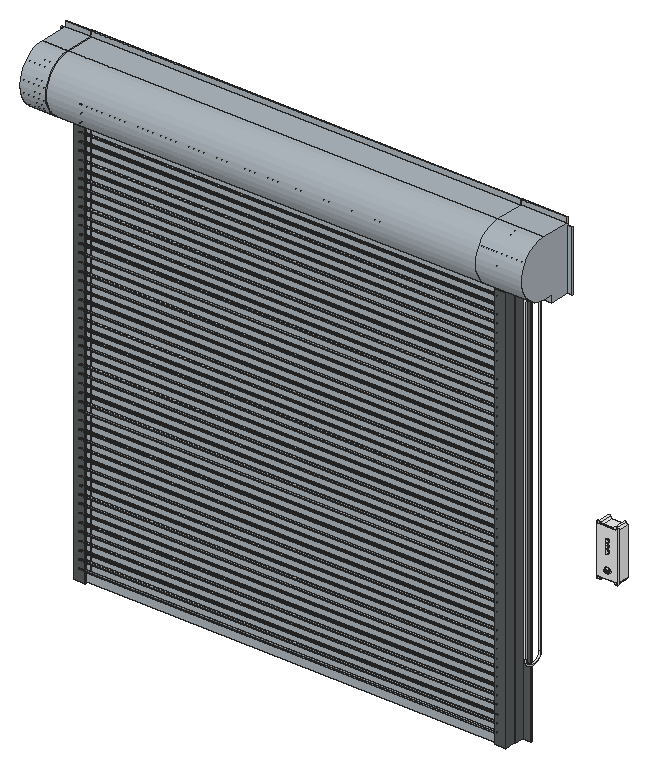
Revit family "Doors_Industrial_Wayne-Dalton_High-Cycle-Rolling-Service-Doors-Model-800-HC_", category Specialty Equipment, host Wall, Revit 2019
Family settings
  Host = Wall
  Round Connector Dimension = Use Diameter
  Part Type = Normal
  OmniClass Number = 23.30.10.21.34
  OmniClass Title = Industrial Doors
  Always vertical = Yes
  Cut with Voids When Loaded = Yes
  Shared = No
  Room Calculation Point = No
Parameters (values of type "208 volts, one phase, 60 Hz (208-240V range)")
  X Motor [instance] = if(or(Opening Height < 120", Opening Height = 120"), 18 1/2", if(or(Opening Height < 180", Opening Height = 180"), 20", 22"))  # 18 1/2"
  X ChainH [instance] = if(or(Opening Height < 120", Opening Height = 120"), 18 1/2", if(or(Opening Height < 180", Opening Height = 180"), 20", 22"))  # 18 1/2"
  Warning Sign [instance] = if(Calculated Area > 683.00 SF, 1 = 1, 1 = 2)  # no
  Warning (Note) [instance] = if(Warning Sign, "The Door Area is out of the limit; please adjust accordingly. The maximum allowed area is 683 sq. ft.", " ")  # " "
  Wall Thickness [instance] = 6"
  Voltage = 208 V
  True Opening Width [instance] = Clear Width  # 120"
  True Opening Height [instance] = Clear Height  # 120"
  Slat Type [instance] = if(Slat Option < 2, "№4", if(Slat Option = 2, "№14", "№14 - Secur-Vent"))  # "№14"
  Slat Option [instance] = 2  # constant formula
  Slat Length [instance] = Clear Width + G Value * 2 - 1" / 2 * 2  # 126"
  Slat Height [instance] = if(Slat < 2, 13 205/256", 12 1/4")  # 12 1/4"
  Slat [instance] = if(Slat Option < 2, 1, if(Slat Option = 2, 2, if(Slat Option = 3, 3, 4)))  # 2
  Side Room Right [instance] = 18"  # constant formula
  Side Room Left [instance] = 12"  # constant formula
  Product Page URL = "https://www.wayne-dalton.com/rolling-service-door-800-800c-hc"
  Power Factor = 1
  Powder Coat (Note) = "Wayne Dalton also offers approximately 200 RAL powder coat options to complement the exterior colors of a building."  # constant formula
  Operator Visibility = yes
  Opening Width Real [instance] = if(Opening Width > Max Opening Width, Max Opening Width, if(Opening Width < Min Opening Width, Min Opening Width, Opening Width))  # 120"
  Opening Width [instance] = 120"
  Opening Height Real [instance] = if(Opening Height > Max Opening Height, Max Opening Height, if(Opening Height < Min Opening Height, Min Opening Height, Opening Height))  # 120"
  Opening Height [instance] = 120"
  One Array element [instance] = not(Array Vis)  # no
  Number of Poles = 1
  Min Opening Width [instance] = 18"  # constant formula
  Min Opening Height [instance] = 24"  # constant formula
  Max Opening Width [instance] = 360"  # constant formula
  Max Opening Height [instance] = 240"  # constant formula
  Material Finish [instance] = 800 HC : Standard - Gray
  M Value [instance] = if(or(Opening Width < 108", Opening Width = 108"), 5 3/4", if(or(Opening Width < 180", Opening Width = 180"), 6 1/4", if(or(Opening Width < 240", Opening Width = 240"), 7 1/4", 9 1/4")))  # 6 1/4"
  Jambs Offset L [instance] = 0"  # constant formula
  Jambs Offset R [instance] = 0"  # constant formula
  Installation Real [instance] = Wall Thickness  # 6"
  Hood Type [instance] = "Round Hood"  # constant formula
  Hood Offset [instance] = 2"  # constant formula
  Hood Material [instance] = Metal - Wayne Dalton - Gray
  Hood Height [instance] = if(Chain Hoist or Manual, Y ChainH - 2", Y Motor - 2")  # 16 1/2"
  Y Motor [instance] = if(or(Opening Height < 120", Opening Height = 120"), 18 1/2", if(or(Opening Height < 180", Opening Height = 180"), 20", 22"))  # 18 1/2"
  Y ChainH [instance] = if(or(Opening Height < 120", Opening Height = 120"), 18 1/2", if(or(Opening Height < 180", Opening Height = 180"), 20", 22"))  # 18 1/2"
  Headroom Height Lift [instance] = Y Motor + Hood Offset  # 20 1/2"
  Headroom Height [instance] = Headroom Height Lift + 1 1/2"  # 22"
  Guide Type [instance] = "Angled Z Guide"  # constant formula
  Guide Option [instance] = if(Between Jambs Mounting, 1, 2)  # 2
  Guid Depth [instance] = D Value  # 6 1/4"
  G Value [instance] = if(or(Opening Width < 108", Opening Width = 108"), 3", if(or(Opening Width < 180", Opening Width = 180"), 3 1/2", if(or(Opening Width < 240", Opening Width = 240"), 4", 5 9/16")))  # 3 1/2"
  Frequency = 60 Hz
  Face Of Wall Mounting [instance] = not(Between Jambs Mounting)  # yes
  Door Width True [instance] = Clear Width + M Value * 2  # 132 1/2"
  Door Width (Real) [instance] = Clear Width + 1" / 2  # 120 1/2"
  Door Height True [instance] = Clear Width + Headroom Height  # 142"
  Door Height (Real) [instance] = Clear Height + Hood Offset  # 122"
  URL = "https://www.wayne-dalton.com/"
  Product data url = "https://www.bimobject.com/wayne-dalton/product/rolling-service-door-800-hc"
  Product Guid = "e2af0187-65e4-438e-9842-06d0f7f7c1d5"
  Model = "800 HC"  # constant formula
  Manufacturer = "Wayne Dalton"  # constant formula
  Wall Closure = By host
  Floor To (CL) of Shaft [instance] = Clear Height + Hood Offset + 2" + Hood Height / 2  # 132 1/4"
  Finish Material = Finish - Wayne Dalton - Black
  Description = "Model 800 HC High Cycle Rolling Service Door"  # constant formula
  D Value Clearance [instance] = D Value  # 6 1/4"
  D Value [instance] = if(or(Opening Width < 108", Opening Width = 108"), 5 11/16", if(or(Opening Width < 180", Opening Width = 180"), 6 1/4", if(or(Opening Width < 240", Opening Width = 240"), 6 3/16", 7 1/16")))  # 6 1/4"
  Clearance [instance] = no
  Clear Width [instance] = Opening Width Real  # 120"
  Clear Height [instance] = Opening Height Real  # 120"
  Chain Hoist or Manual = no
  Current = 20 A
  Connector Array Distance = 0"  # constant formula
  Connector Array = if(Chain Hoist or Manual, 2, 3)  # 3
  Between Jambs Mounting [instance] = 1 = 2  # no
  Bar [instance] = if(Face Of Wall Mounting, 1 = 1, 1 = 2)  # yes
  Backroom Depth [instance] = X Motor - 1 1/2"  # 17"
  Array Vis [instance] = if(Array < 2, 1 = 2, 1 = 1)  # yes
  Array Real [instance] = if(Array < 2, 2, Array)  # 10
  Array Length [instance] = (Array) * Slat Height  # 122 1/2"
  Array [instance] = rounddown(([Door Height (Real)] - 3") / Slat Height) + 1  # 10
  Calculated Area [instance] = [Door Width (Real)] * [Door Height (Real)]  # 102.09 SF
  Apparent Load Phase 3 = if(Number of Poles = 1, 0 VA, (Voltage * Current * sqrt(3)) / 3)  # 0 VA
  Apparent Load Phase 2 = if(Number of Poles = 1, 0 VA, (Voltage * Current * sqrt(3)) / 3)  # 0 VA
  Apparent Load Phase 1 = if(Number of Poles = 1, Voltage * Current, (Voltage * Current * sqrt(3)) / 3)  # 4160 VA
Reference planes (in)
  plane 1 "Center (Front/Back)": y = -14.625
  plane 2 "Center (Left/Right)": x = 0
  plane 3 "Left": x = -60
  plane 4 "Right": x = 60
  plane 5 "Exterior": y = -8.625
  plane 6 "Interior": y = -14.625
  plane 7: z = 120
  plane 8 "Main": y = -20.23437
  plane 9 "Backroom Depth": y = -31.625
  plane 10 "Main Door Block": y = -14.625
  plane 11 "Bottom Bar": z = 2.75
  plane 12: y = -20.875
  plane 13: z = 125.25
  plane 14: z = 140.5
  plane 15: z = 122
  plane 16: z = 142
  plane 17: z = 0
  plane 18: z = 60
  plane 19: y = -19.96875
  plane 20 "Double Main": y = -19.656
  plane 21 "Headroom Top": z = 142
  plane 22: z = 132.25
  plane 23: x = 63.5
  plane 24: x = -63.5
  plane 25: z = 113
  plane 26: z = 124
  plane 27: x = 62.75
  plane 28: z = 2.75
  plane 29: y = -19.96875
  plane 30: z = 113
  plane 31: y = -19.96875
  plane 32: z = 15
  plane 33: y = -19.96875
  plane 34: z = 27.25
  plane 35: y = -19.96875
  plane 36: z = 39.5
  plane 37: y = -19.96875
  plane 38: z = 51.75
  plane 39: y = -19.96875
  plane 40: z = 64
  plane 41: y = -19.96875
  plane 42: z = 76.25
  plane 43: y = -19.96875
  plane 44: z = 88.5
  plane 45: y = -19.96875
  plane 46: z = 100.75
  plane 47: y = -19.96875
Forms (in)
  Extrusion 1, void
    sketch origin (0, -14.625, 0) x (0, 0, -1) y (-1, 0, 0)
      loop
        line (-120, 60) -> (-120, -60) -> (0, -60) -> (0, 60) -> (-120, 60)
    from 0 to 6
  Extrusion 2, solid, material "Metal - Wayne Dalton - Gray" <- "Hood Material", visible <- "Bar"
    sketch origin (0, 0, 0) x (0, 1, 0) y (0, 0, 1)
      loop
        line (-14.875, 140.5) -> (-14.625, 140.5) -> (-14.625, 142) -> (-14.875, 142) -> (-14.875, 140.5)
    from -63.25 to 63.25
  Extrusion 3, solid, material "Clearance - Wayne Dalton - Red", visible <- "Clearance"
    sketch origin (0, 0, 0) x (1, 0, 0) y (0, 1, 0)
      loop
        line (78.25, -14.625) -> (60.25, -14.625) -> (60.25, -20.875) -> (78.25, -20.875) -> (78.25, -14.625)
      loop
        line (-60.25, -14.625) -> (-72.25, -14.625) -> (-72.25, -20.875) -> (-60.25, -20.875) -> (-60.25, -14.625)
    from 0 to 122
Lines and regions (in)
  symbolic lines, visible <- "Bar"
    curve 1: line (63.25, -14.625, 0) -> (-63.25, -14.625, 0)
    curve 2: line (-63.25, -14.875, 0) -> (63.25, -14.875, 0)
Text (in)
  text "Exterior" at (-74.96733, 27.31104, 0), in view "Ref. Level"
  text "Interior" at (-74.96733, -25.14366, 0), in view "Ref. Level"
  text "Exterior" at (0, 40.15149, 123.01588), in view "Right"
  text "Interior" at (0, -64.39139, 123.01588), in view "Right"
  text "Interior" at (0, -31.01599, 123.00693), in view "Left"
  text "Exterior" at (0, 54.57065, 123.00693), in view "Left"
Dimensions and locks (in)
  equal spacing: plane 3 "Left", plane 2 "Center (Left/Right)", plane 4 "Right"
  "Clear Width": plane 3 "Left" to plane 4 "Right"
  level to host wall = 459.59655"
  "Clear Height": level to plane 7
  locked: plane 11 "Bottom Bar" to level at 2.75
  locked: plane 12 to plane 8 "Main" at 0.64063
  "Array Length": plane 13 to plane 11 "Bottom Bar"
  "Backroom Depth": plane 9 "Backroom Depth" to plane 10 "Main Door Block"
  locked: plane 16 to plane 14 at 1.5
  locked: Extrusion 2 sketch curve to Extrusion 2 sketch curve at 0.25
  "Installation Real": plane 1 "Center (Front/Back)" to plane 5 "Exterior"
  "Wall Thickness": host wall to host wall
  equal spacing: plane 7, plane 18, plane 17
  locked: plane 8 "Main" to plane 19 at 0.26563
  locked: plane 8 "Main" to plane 20 "Double Main" at 0.57837
  locked: Extrusion 1 sketch curve to plane 7
  locked: Extrusion 2 sketch curve to Extrusion 2 sketch curve at 1.5
  "Hood Offset": plane 15 to plane 7
  "Headroom Height": plane 21 "Headroom Top" to plane 7
  "Floor To (CL) of Shaft": plane 22 to level
  "Jambs Offset R": plane 4 "Right" to Extrusion 1 sketch curve
  "Jambs Offset L": Extrusion 1 sketch curve to plane 3 "Left"
  "G Value": plane 23 to plane 4 "Right"
  "G Value": plane 3 "Left" to plane 24
  "Guid Depth": plane 12 to plane 1 "Center (Front/Back)"
  "Slat Height": plane 13 to plane 25
  equal spacing: group 1, group 3, group 4, group 5, group 6, group 7, group 8, group 9, group 10, group 2  (x3)
  locked: plane 23 to Extrusion 2 at 0.25
  locked: plane 24 to Extrusion 2 at 0.25
  locked: plane 26 to plane 15 at 2
  "Hood Height": plane 14 to plane 26
  locked: plane 4 "Right" to plane 27 at 2.75
  "D Value Clearance": Extrusion 3 sketch curve to Extrusion 3 sketch curve
  locked: plane 4 "Right" to Extrusion 3 sketch curve at 0.25
  "Side Room Right": Extrusion 3 sketch curve to Extrusion 3 sketch curve
  locked: Extrusion 3 sketch curve to plane 3 "Left" at 0.25
  "Side Room Left": Extrusion 3 sketch curve to Extrusion 3 sketch curve
  aligned and locked: plane 5 "Exterior" to host wall
  aligned and locked: host wall to plane 6 "Interior"
  aligned and locked: level to Extrusion 1 sketch curve
  aligned and locked: Extrusion 1 to plane 5 "Exterior"
  aligned and locked: plane 6 "Interior" to Extrusion 1
  aligned and locked: Extrusion 2 sketch curve to plane 16
  aligned and locked: plane 6 "Interior" to Extrusion 2 sketch curve
  aligned and locked: curve 1 to Extrusion 2  (x2)
  aligned and locked: curve 2 to Extrusion 2  (x2)
  aligned and locked: Extrusion 2 to curve 2
  aligned and locked: level to plane 17
  aligned and locked: plane 2 "Center (Left/Right)" to nested 1
  aligned and locked: nested 2 to plane 2 "Center (Left/Right)"
  aligned and locked: nested 3 to plane 18
  aligned and locked: plane 2 "Center (Left/Right)" to nested 3
  aligned and locked: plane 11 "Bottom Bar" to nested 5
  aligned and locked: plane 19 to nested 5
  aligned and locked: nested 3 to plane 19
  aligned and locked: plane 17 to nested 12
  aligned and locked: nested 12 to plane 2 "Center (Left/Right)"
  aligned and locked: nested 12 to plane 1 "Center (Front/Back)"
  aligned and locked: Extrusion 3 sketch curve to plane 1 "Center (Front/Back)"
  aligned and locked: plane 1 "Center (Front/Back)" to Extrusion 3 sketch curve
  aligned and locked: Extrusion 3 sketch curve to Extrusion 3 sketch curve
  aligned and locked: Extrusion 3 to level
  aligned and locked: plane 15 to Extrusion 3
  aligned and locked: plane 11 "Bottom Bar" to plane 28
  aligned and locked: plane 19 to plane 29
  aligned and locked: plane 25 to plane 30
  aligned and locked: plane 31 to plane 19
  aligned and locked: plane 10 "Main Door Block" to plane 1 "Center (Front/Back)"
Automatic sketch dimensions
  plane 23 to curve 1 = 1/4"
Nested families (in)
  nested 1: "Label Annotation 1" at (0, 18.375, 0), visible <- "Warning Sign", type "Label Annotation 1"
  nested 2: "Label Annotation 1" at (0, -41.625, 0) x (-1, 0, 0) z (0, 0, 1), visible <- "Warning Sign", type "Label Annotation 1"
  nested 3: "Warning Sign" at (0, -19.96875, 60), visible <- "Warning Sign", type "Warning Sign"
    with Warning Sign no
  nested 4: "800 HC" at (0, -19.96875, 2.75), Slat Option <- "Slat Option", Opening Width <- "Slat Length", type <- "Material Finish", visible <- "Array Vis", type "Standard - Gray"
    with Void Offset 1", Void Height 3/4", Slat Width 3/4", Slat Position + Offset 13.146", Slat Position 12 1/4", Slat Option 2, Secure-Vent no, Profile #14 yes, Perforation no, Opening Width 126", Integrated Cutout no, Fenestration no, Cutout Width Offset 1", Cutout Vertical Offset 0.896", #4 no, # 14 yes
  nested 5: "800 HC" at (0, -19.96875, 2.75), visible <- "One Array element", Slat Option <- "Slat Option", Opening Width <- "Slat Length", type <- "Material Finish", type "Standard - Gray"
    with Void Offset 1", Void Height 3/4", Slat Width 3/4", Slat Position + Offset 13.146", Slat Position 12 1/4", Slat Option 2, Secure-Vent no, Profile #14 yes, Perforation no, Opening Width 126", Integrated Cutout no, Fenestration no, Cutout Width Offset 1", Cutout Vertical Offset 0.896", #4 no, # 14 yes
  nested 6: "800 HC" at (0, -19.96875, 113), Slat Option <- "Slat Option", Opening Width <- "Slat Length", type <- "Material Finish", visible <- "Array Vis", type "Standard - Gray"
    with Void Offset 1", Void Height 3/4", Slat Width 3/4", Slat Position + Offset 13.146", Slat Position 12 1/4", Slat Option 2, Secure-Vent no, Profile #14 yes, Perforation no, Opening Width 126", Integrated Cutout no, Fenestration no, Cutout Width Offset 1", Cutout Vertical Offset 0.896", #4 no, # 14 yes
  nested 7: "800 HC" at (0, -19.96875, 15), Slat Option <- "Slat Option", Opening Width <- "Slat Length", type <- "Material Finish", visible <- "Array Vis", type "Standard - Gray"
    with Void Offset 1", Void Height 3/4", Slat Width 3/4", Slat Position + Offset 13.146", Slat Position 12 1/4", Slat Option 2, Secure-Vent no, Profile #14 yes, Perforation no, Opening Width 126", Integrated Cutout no, Fenestration no, Cutout Width Offset 1", Cutout Vertical Offset 0.896", #4 no, # 14 yes
  nested 8: "800 HC" at (0, -19.96875, 27.25), Slat Option <- "Slat Option", Opening Width <- "Slat Length", type <- "Material Finish", visible <- "Array Vis", type "Standard - Gray"
    with Void Offset 1", Void Height 3/4", Slat Width 3/4", Slat Position + Offset 13.146", Slat Position 12 1/4", Slat Option 2, Secure-Vent no, Profile #14 yes, Perforation no, Opening Width 126", Integrated Cutout no, Fenestration no, Cutout Width Offset 1", Cutout Vertical Offset 0.896", #4 no, # 14 yes
  nested 9: "800 HC" at (0, -19.96875, 39.5), Slat Option <- "Slat Option", Opening Width <- "Slat Length", type <- "Material Finish", visible <- "Array Vis", type "Standard - Gray"
    with Void Offset 1", Void Height 3/4", Slat Width 3/4", Slat Position + Offset 13.146", Slat Position 12 1/4", Slat Option 2, Secure-Vent no, Profile #14 yes, Perforation no, Opening Width 126", Integrated Cutout no, Fenestration no, Cutout Width Offset 1", Cutout Vertical Offset 0.896", #4 no, # 14 yes
  nested 10: "800 HC" at (0, -19.96875, 51.75), Slat Option <- "Slat Option", Opening Width <- "Slat Length", type <- "Material Finish", visible <- "Array Vis", type "Standard - Gray"
    with Void Offset 1", Void Height 3/4", Slat Width 3/4", Slat Position + Offset 13.146", Slat Position 12 1/4", Slat Option 2, Secure-Vent no, Profile #14 yes, Perforation no, Opening Width 126", Integrated Cutout no, Fenestration no, Cutout Width Offset 1", Cutout Vertical Offset 0.896", #4 no, # 14 yes
  nested 11: "800 HC" at (0, -19.96875, 64), Slat Option <- "Slat Option", Opening Width <- "Slat Length", type <- "Material Finish", visible <- "Array Vis", type "Standard - Gray"
    with Void Offset 1", Void Height 3/4", Slat Width 3/4", Slat Position + Offset 13.146", Slat Position 12 1/4", Slat Option 2, Secure-Vent no, Profile #14 yes, Perforation no, Opening Width 126", Integrated Cutout no, Fenestration no, Cutout Width Offset 1", Cutout Vertical Offset 0.896", #4 no, # 14 yes
  nested 12: "Lifts" at (0, -14.625, 0) x (-1, 0, 0) z (0, 0, 1), type "Frame Unit"
    with Round Hood yes, Right Motor Position yes, No Hood no, M Value 6 1/4", Hood Height 18 1/2", Headroom Height Real 20 1/2", Half Hood Height 18 1/2", Guide Z Wide R 2 3/4", Guide Z Wide L 2 3/4", Guide Offset R 3 1/2", Guide Offset L 3 1/2", G Value 3 1/2", Shaft Offset 8 1/4", Shaft Length 2 7 1/2", Shaft Length 1 7 1/2", Radius Hood 8 1/4", Headroom Height 20 1/2", Header Width 17", Floor To (CL) of Shaft 132 1/4", D Value 6 1/4"
  nested 13: "800 HC" at (0, -19.96875, 76.25), Slat Option <- "Slat Option", Opening Width <- "Slat Length", type <- "Material Finish", visible <- "Array Vis", type "Standard - Gray"
    with Void Offset 1", Void Height 3/4", Slat Width 3/4", Slat Position + Offset 13.146", Slat Position 12 1/4", Slat Option 2, Secure-Vent no, Profile #14 yes, Perforation no, Opening Width 126", Integrated Cutout no, Fenestration no, Cutout Width Offset 1", Cutout Vertical Offset 0.896", #4 no, # 14 yes
  nested 14: "800 HC" at (0, -19.96875, 88.5), Slat Option <- "Slat Option", Opening Width <- "Slat Length", type <- "Material Finish", visible <- "Array Vis", type "Standard - Gray"
    with Void Offset 1", Void Height 3/4", Slat Width 3/4", Slat Position + Offset 13.146", Slat Position 12 1/4", Slat Option 2, Secure-Vent no, Profile #14 yes, Perforation no, Opening Width 126", Integrated Cutout no, Fenestration no, Cutout Width Offset 1", Cutout Vertical Offset 0.896", #4 no, # 14 yes
  nested 15: "800 HC" at (0, -19.96875, 100.75), Slat Option <- "Slat Option", Opening Width <- "Slat Length", type <- "Material Finish", visible <- "Array Vis", type "Standard - Gray"
    with Void Offset 1", Void Height 3/4", Slat Width 3/4", Slat Position + Offset 13.146", Slat Position 12 1/4", Slat Option 2, Secure-Vent no, Profile #14 yes, Perforation no, Opening Width 126", Integrated Cutout no, Fenestration no, Cutout Width Offset 1", Cutout Vertical Offset 0.896", #4 no, # 14 yes
Connectors (in)
  electrical at (91.25, -18.165, 59.99089), driven by "Voltage", driven by "Apparent Load Phase 1", driven by "Apparent Load Phase 2", driven by "Apparent Load Phase 3", driven by "Power Factor", driven by "Number of Poles"
    settings: on nested 12, index 1, voltage 208 V, apparent load 0 VA, apparent load phase1 4160 VA, apparent load phase2 0 VA, apparent load phase3 0 VA, power factor 1, load classification "Other", number of poles 1, system type 31, power factor state 1, is connector primary yes, connector utility no, sub classification motor no, connector description "Electrical Connector"
Definition of nested family "800 HC"
  Parameters (values of type "Standard - Biege")
    Void Offset [instance] = if(Integrated Cutout, 0", 1")  # 1"
    Void Height [instance] = if([Secure-Vent], 2.2", 3/4")  # 3/4"
    Standard = yes
    Slat Width [instance] = if(Slat Option < 2, 7/8", 3/4")  # 7/8"
    Slat Position + Offset [instance] = Slat Position + Cutout Vertical Offset  # 14.696"
    Slat Position [instance] = if(Slat Option < 2, 2.76" * 5, 2.45" * 5)  # 13.8"
    Slat Option [instance] = 1
    Secure-Vent [instance] = if(Slat Option > 2, 1 = 1, 1 = 2)  # no
    Rough Height = 0"
    Profile #14 [instance] = or(# 14, [Secure-Vent])  # no
    Perforation [instance] = [Secure-Vent]  # no
    Fenestration Large = no
    Fenestration [instance] = if(and(Integrated Cutout, not(Perforation)), 1 = 1, 1 = 2)  # no
    Cutout Width Offset [instance] = 1"  # constant formula
    Cutout Material Perforation = none
    Cutout Material = none
    Panel Material = none
    Opening Width [instance] = 123 5/8"
    Cutout Vertical Offset [instance] = 0.896"  # constant formula
    Default Elevation = 48"
    Integrated Cutout [instance] = if(and(Fenestration Large, Slat Option = 2), 1 = 1, if(and(Perforation, Slat Option > 2), 1 = 1, 1 = 2))  # no
    Analytic Construction = "<None>"
    #4 [instance] = if(Slat Option < 2, 1 = 1, 1 = 2)  # yes
    # 14 [instance] = if(Slat Option = 2, 1 = 1, 1 = 2)  # no
  Types (8): name | Standard | Fenestration Large
    Standard - White | yes | no
    Standard - Brown | yes | no
    Standard - Gray | yes | no
    Vision lites 0.75”x5” - Gray | no | yes
    Vision lites 0.75”x5” - Beige | no | yes
    Vision lites 0.75”x5” - White | no | yes
    Vision lites 0.75”x5” - Brown | no | yes
    Standard - Biege | yes | no
  Reference planes (in)
    plane 1 "Center (Front/Back)": y = 0
    plane 2: z = 0
    plane 3 "Center (Left/Right)": x = 0
    plane 4: x = -61.8125
    plane 5: x = 61.8125
    plane 6: y = 0.875
    plane 7: y = 0
    plane 8: y = 0.4375
    plane 9: y = 0.845
    plane 10: x = -60.8125
    plane 11: x = 60.8125
  Forms (in)
    Extrusion 1, solid, material <- "Panel Material", visible <- "Profile #14"
      sketch origin (0, -4.98186, 13.12534) x (0, 1, 0) y (0, 0, 1)
        loop
          arc (5.73186, -8.66795) -> (5.71046, -8.61155) -> (5.65703, -8.58356) r 0.085
          line (5.65703, -8.58356) -> (5.18016, -8.52611) -> (5.64686, -8.52611)
          arc (5.64686, -8.52611) -> (5.70696, -8.50122) -> (5.73186, -8.44111) r 0.085
          line (5.73186, -8.44111) -> (5.73186, -6.21795)
          arc (5.73186, -6.21795) -> (5.71046, -6.16155) -> (5.65703, -6.13356) r 0.085
          line (5.65703, -6.13356) -> (5.18016, -6.07611) -> (5.64686, -6.07611)
          arc (5.64686, -6.07611) -> (5.70696, -6.05122) -> (5.73186, -5.99111) r 0.085
          line (5.73186, -5.99111) -> (5.73186, -3.76795)
          arc (5.73186, -3.76795) -> (5.71046, -3.71155) -> (5.65703, -3.68356) r 0.085
          line (5.65703, -3.68356) -> (5.18016, -3.62611) -> (5.64686, -3.62611)
          arc (5.64686, -3.62611) -> (5.70696, -3.60122) -> (5.73186, -3.54111) r 0.085
          line (5.73186, -3.54111) -> (5.73186, -1.31795)
          arc (5.73186, -1.31795) -> (5.71046, -1.26155) -> (5.65703, -1.23356) r 0.085
          line (5.65703, -1.23356) -> (5.06387, -1.16211)
          arc (5.06387, -1.16211) -> (5.04815, -1.15387) -> (5.04186, -1.13729) r 0.025
          line (5.04186, -1.13729) -> (5.04186, -1.02403)
          arc (5.04186, -1.02403) -> (5.39304, -0.79238) -> (4.98186, -0.88137) r 0.214
          line (4.98186, -0.88137) -> (4.98186, -1.13729)
          arc (4.98186, -1.13729) -> (5.00326, -1.19368) -> (5.05669, -1.22168) r 0.085
          line (5.05669, -1.22168) -> (5.64985, -1.29313)
          arc (5.64985, -1.29313) -> (5.66556, -1.30136) -> (5.67186, -1.31795) r 0.025
          line (5.67186, -1.31795) -> (5.67186, -3.54111)
          arc (5.67186, -3.54111) -> (5.66454, -3.55879) -> (5.64686, -3.56611) r 0.025
          line (5.64686, -3.56611) -> (5.04186, -3.56611) -> (5.04186, -3.47403)
          arc (5.04186, -3.47403) -> (5.39304, -3.24238) -> (4.98186, -3.33137) r 0.214
          line (4.98186, -3.33137) -> (4.98186, -3.58729)
          arc (4.98186, -3.58729) -> (5.00326, -3.64368) -> (5.05669, -3.67168) r 0.085
          line (5.05669, -3.67168) -> (5.64985, -3.74313)
          arc (5.64985, -3.74313) -> (5.66556, -3.75136) -> (5.67186, -3.76795) r 0.025
          line (5.67186, -3.76795) -> (5.67186, -5.99111)
          arc (5.67186, -5.99111) -> (5.66454, -6.00879) -> (5.64686, -6.01611) r 0.025
          line (5.64686, -6.01611) -> (5.04186, -6.01611) -> (5.04186, -5.92403)
          arc (5.04186, -5.92403) -> (5.39304, -5.69238) -> (4.98186, -5.78137) r 0.214
          line (4.98186, -5.78137) -> (4.98186, -6.03729)
          arc (4.98186, -6.03729) -> (5.00326, -6.09368) -> (5.05669, -6.12168) r 0.085
          line (5.05669, -6.12168) -> (5.64985, -6.19313)
          arc (5.64985, -6.19313) -> (5.66556, -6.20136) -> (5.67186, -6.21795) r 0.025
          line (5.67186, -6.21795) -> (5.67186, -8.44111)
          arc (5.67186, -8.44111) -> (5.66454, -8.45879) -> (5.64686, -8.46611) r 0.025
          line (5.64686, -8.46611) -> (5.04186, -8.46611) -> (5.04186, -8.37403)
          arc (5.04186, -8.37403) -> (5.39304, -8.14238) -> (4.98186, -8.23137) r 0.214
          line (4.98186, -8.23137) -> (4.98186, -8.48729)
          arc (4.98186, -8.48729) -> (5.00326, -8.54368) -> (5.05669, -8.57168) r 0.085
          line (5.05669, -8.57168) -> (5.64985, -8.64313)
          arc (5.64985, -8.64313) -> (5.66556, -8.65136) -> (5.67186, -8.66795) r 0.025
          line (5.67186, -8.66795) -> (5.67186, -10.89111)
          arc (5.67186, -10.89111) -> (5.66454, -10.90879) -> (5.64686, -10.91611) r 0.025
          line (5.64686, -10.91611) -> (5.04186, -10.91611) -> (5.04186, -10.82403)
          arc (5.04186, -10.82403) -> (5.39304, -10.59238) -> (4.98186, -10.68137) r 0.214
          line (4.98186, -10.68137) -> (4.98186, -10.93729)
          arc (4.98186, -10.93729) -> (5.00326, -10.99368) -> (5.05669, -11.02168) r 0.085
          line (5.05669, -11.02168) -> (5.64985, -11.09313)
          arc (5.64985, -11.09313) -> (5.66556, -11.10136) -> (5.67186, -11.11795) r 0.025
          line (5.67186, -11.11795) -> (5.67186, -13.34111)
          arc (5.67186, -13.34111) -> (5.66454, -13.35879) -> (5.64686, -13.36611) r 0.025
          line (5.64686, -13.36611) -> (5.04186, -13.36611) -> (5.04186, -13.2739)
          arc (5.04186, -13.2739) -> (5.39412, -13.04524) -> (4.98186, -13.12534) r 0.21392
          line (4.98186, -13.12534) -> (4.98186, -13.34111)
          arc (4.98186, -13.34111) -> (5.00676, -13.40122) -> (5.06686, -13.42611) r 0.085
          line (5.06686, -13.42611) -> (5.64686, -13.42611)
          arc (5.64686, -13.42611) -> (5.70696, -13.40122) -> (5.73186, -13.34111) r 0.085
          line (5.73186, -13.34111) -> (5.73186, -11.11795)
          arc (5.73186, -11.11795) -> (5.71046, -11.06155) -> (5.65703, -11.03356) r 0.085
          line (5.65703, -11.03356) -> (5.18016, -10.97611) -> (5.64686, -10.97611)
          arc (5.64686, -10.97611) -> (5.70696, -10.95122) -> (5.73186, -10.89111) r 0.085
          line (5.73186, -10.89111) -> (5.73186, -8.66795)
      from -61.8125 to 61.8125
    Extrusion 2, solid, material <- "Panel Material", visible <- "#4"
      sketch origin (0, -4.98186, 13.73777) x (0, 1, 0) y (0, 0, 1)
        loop
          line (5.41686, -0.15639) -> (5.41686, 0.06223)
          arc (5.41686, 0.06223) -> (5.05365, 0.23232) -> (5.15557, -0.15557) r 0.22143
          spline (5.15557, -0.15557) -> (5.43579, -0.24198) -> (5.6169, -0.37456) -> (5.72313, -0.54212) -> (5.77865, -0.73343) -> (5.80231, -0.9387) -> (5.79902, -1.15185) -> (5.77145, -1.36736) -> (5.72229, -1.57974) -> (5.64973, -1.78272) -> (5.53407, -1.96703) -> (5.35114, -2.12262) -> (5.07676, -2.23945)
          arc (5.07676, -2.23945) -> (4.97768, -2.37927) -> (5.10235, -2.49685) r 0.13061
          arc (5.10235, -2.49685) -> (4.97576, -2.7256) -> (5.1554, -2.91554) r 0.22143
          spline (5.1554, -2.91554) -> (5.43502, -3.00176) -> (5.61575, -3.13406) -> (5.72175, -3.30126) -> (5.77715, -3.49217) -> (5.80076, -3.697) -> (5.79748, -3.90969) -> (5.76997, -4.12475) -> (5.72091, -4.33667) -> (5.64851, -4.53922) -> (5.5331, -4.72313) -> (5.35056, -4.87839) -> (5.07676, -4.99497)
          arc (5.07676, -4.99497) -> (4.97829, -5.13992) -> (5.11266, -5.25239) r 0.13061
          arc (5.11266, -5.25239) -> (4.97514, -5.4801) -> (5.15557, -5.67557) r 0.22143
          spline (5.15557, -5.67557) -> (5.43579, -5.76198) -> (5.6169, -5.89456) -> (5.72313, -6.06212) -> (5.77865, -6.25343) -> (5.80231, -6.4587) -> (5.79902, -6.67185) -> (5.77145, -6.88736) -> (5.72229, -7.09974) -> (5.64973, -7.30272) -> (5.53407, -7.48703) -> (5.35114, -7.64262) -> (5.07676, -7.75945)
          arc (5.07676, -7.75945) -> (4.97768, -7.89927) -> (5.10235, -8.01685) r 0.13061
          arc (5.10235, -8.01685) -> (4.97576, -8.2456) -> (5.1554, -8.43554) r 0.22143
          spline (5.1554, -8.43554) -> (5.43502, -8.52176) -> (5.61575, -8.65406) -> (5.72175, -8.82126) -> (5.77715, -9.01217) -> (5.80076, -9.217) -> (5.79748, -9.42969) -> (5.76997, -9.64475) -> (5.72091, -9.85667) -> (5.64851, -10.05922) -> (5.5331, -10.24313) -> (5.35056, -10.39839) -> (5.07676, -10.51497)
          arc (5.07676, -10.51497) -> (4.97829, -10.65992) -> (5.11266, -10.77239) r 0.13061
          arc (5.11266, -10.77239) -> (4.97514, -11.0001) -> (5.15557, -11.19557) r 0.22143
          spline (5.15557, -11.19557) -> (5.43579, -11.28198) -> (5.6169, -11.41456) -> (5.72313, -11.58212) -> (5.77865, -11.77343) -> (5.80231, -11.9787) -> (5.79902, -12.19185) -> (5.77145, -12.40736) -> (5.72229, -12.61974) -> (5.64973, -12.82272) -> (5.53407, -13.00703) -> (5.35114, -13.16262) -> (5.07676, -13.27945)
          arc (5.07676, -13.27945) -> (4.97768, -13.41927) -> (5.10235, -13.53685) r 0.13061
          arc (5.10235, -13.53685) -> (5.21569, -13.95826) -> (5.25036, -13.52326) r 0.22143
          line (5.25036, -13.52326) -> (5.07719, -13.43535)
          arc (5.07719, -13.43535) -> (5.04831, -13.3854) -> (5.08227, -13.33876) r 0.0529
          spline (5.08227, -13.33876) -> (5.31122, -13.26076) -> (5.50077, -13.12306) -> (5.65049, -12.93752) -> (5.75994, -12.71603) -> (5.82891, -12.47064) -> (5.86045, -12.21578) -> (5.85989, -11.96759) -> (5.83265, -11.74224) -> (5.78397, -11.55569) -> (5.71011, -11.41199) -> (5.59386, -11.29733) -> (5.41686, -11.19639)
          line (5.41686, -11.19639) -> (5.41686, -10.97777)
          arc (5.41686, -10.97777) -> (5.38383, -10.86143) -> (5.29461, -10.77979) r 0.22143
          line (5.29461, -10.77979) -> (5.07719, -10.67088)
          arc (5.07719, -10.67088) -> (5.04831, -10.62093) -> (5.08227, -10.57428) r 0.0529
          spline (5.08227, -10.57428) -> (5.31122, -10.49629) -> (5.50077, -10.35858) -> (5.65049, -10.17304) -> (5.75994, -9.95155) -> (5.82891, -9.70617) -> (5.86045, -9.45131) -> (5.85989, -9.20312) -> (5.83265, -8.97777) -> (5.78397, -8.79121) -> (5.71011, -8.64752) -> (5.59386, -8.53286) -> (5.41686, -8.43192)
          line (5.41686, -8.43192) -> (5.41686, -8.21777)
          arc (5.41686, -8.21777) -> (5.37035, -8.08199) -> (5.25036, -8.00326) r 0.22143
          line (5.25036, -8.00326) -> (5.07719, -7.91535)
          arc (5.07719, -7.91535) -> (5.04831, -7.8654) -> (5.08227, -7.81876) r 0.0529
          spline (5.08227, -7.81876) -> (5.31122, -7.74076) -> (5.50077, -7.60306) -> (5.65049, -7.41752) -> (5.75994, -7.19603) -> (5.82891, -6.95064) -> (5.86045, -6.69578) -> (5.85989, -6.44759) -> (5.83265, -6.22224) -> (5.78397, -6.03569) -> (5.71011, -5.89199) -> (5.59386, -5.77733) -> (5.41686, -5.67639)
          line (5.41686, -5.67639) -> (5.41686, -5.45777)
          arc (5.41686, -5.45777) -> (5.39015, -5.35234) -> (5.31648, -5.27235) r 0.22143
          line (5.31648, -5.27235) -> (5.07719, -5.15088)
          arc (5.07719, -5.15088) -> (5.04831, -5.10093) -> (5.08227, -5.05428) r 0.0529
          spline (5.08227, -5.05428) -> (5.31122, -4.97629) -> (5.50077, -4.83858) -> (5.65049, -4.65304) -> (5.75994, -4.43155) -> (5.82891, -4.18617) -> (5.86045, -3.93131) -> (5.85989, -3.68312) -> (5.83265, -3.45777) -> (5.78397, -3.27121) -> (5.71011, -3.12752) -> (5.59386, -3.01286) -> (5.41686, -2.91192)
          line (5.41686, -2.91192) -> (5.41686, -2.69777)
          arc (5.41686, -2.69777) -> (5.37035, -2.56199) -> (5.25036, -2.48326) r 0.22143
          line (5.25036, -2.48326) -> (5.07719, -2.39535)
          arc (5.07719, -2.39535) -> (5.04831, -2.3454) -> (5.08227, -2.29876) r 0.0529
          spline (5.08227, -2.29876) -> (5.31122, -2.22076) -> (5.50077, -2.08306) -> (5.65049, -1.89752) -> (5.75994, -1.67603) -> (5.82891, -1.43064) -> (5.86045, -1.17578) -> (5.85989, -0.92759) -> (5.83265, -0.70224) -> (5.78397, -0.51569) -> (5.71011, -0.37199) -> (5.59386, -0.25733) -> (5.41686, -0.15639)
      from -61.8125 to 61.8125
    Extrusion 3, void
      sketch origin (0, 0, 0) x (0, 1, 0) y (0, 0, 1)
        loop
          line (1.815, 1.271) -> (1.815, 0.521) -> (1.875, 0.521) -> (1.875, 1.271) -> (1.815, 1.271)
        loop
          line (1.815, 4.031) -> (1.815, 3.281) -> (1.875, 3.281) -> (1.875, 4.031) -> (1.815, 4.031)
        loop
          line (1.815, 6.791) -> (1.815, 6.041) -> (1.875, 6.041) -> (1.875, 6.791) -> (1.815, 6.791)
        loop
          line (1.815, 9.551) -> (1.815, 8.801) -> (1.875, 8.801) -> (1.875, 9.551) -> (1.815, 9.551)
        loop
          line (1.815, 12.311) -> (1.815, 11.561) -> (1.875, 11.561) -> (1.875, 12.311) -> (1.815, 12.311)
      from -60.8125 to 60.8125
  Cuts and joins
    Extrusion 3 cuts Extrusion 1
  Lines and regions (in)
    reference lines
      curve 1: line (0, -4.98186, 12.78) -> (0, 10.3327, 12.78)
      curve 2: line (0, -2.86663, 14.696) -> (0, 7.97837, 14.696)
      curve 3: line (0, -2.86663, 11.936) -> (0, 7.97837, 11.936)
      curve 4: line (0, -2.86663, 9.176) -> (0, 7.97837, 9.176)
      curve 5: line (0, -2.86663, 6.416) -> (0, 7.97837, 6.416)
      curve 6: line (0, -2.86663, 0.896) -> (0, 7.97837, 0.896)
      curve 7: line (0, -2.86663, 3.656) -> (0, 7.97837, 3.656)
  Dimensions and locks (in)
    equal spacing: plane 4, plane 3 "Center (Left/Right)", plane 5
    "Opening Width": plane 4 to plane 5
    "Slat Width": plane 1 "Center (Front/Back)" to plane 6
    equal spacing: plane 1 "Center (Front/Back)", plane 8, plane 6
    locked: plane 9 to plane 6 at 0.03
    "Cutout Width Offset": plane 4 to plane 10
    "Cutout Width Offset": plane 5 to plane 11
    "Void Height": Extrusion 3 sketch curve to Extrusion 3 sketch curve  (x5)
    locked: Extrusion 3 sketch curve to Extrusion 3 sketch curve at 0.06  (x5)
    "Void Offset": plane 6 to Extrusion 3 sketch curve
    locked: curve 1 to level at 12.78
    "Slat Position": curve 6 to curve 2
    equal spacing: Extrusion 3 sketch curve, curve 3, Extrusion 3 sketch curve
    equal spacing: Extrusion 3 sketch curve, curve 4, Extrusion 3 sketch curve
    equal spacing: Extrusion 3 sketch curve, curve 6, Extrusion 3 sketch curve
    equal spacing: Extrusion 3 sketch curve, curve 5, Extrusion 3 sketch curve
    equal spacing: curve 6, curve 7, curve 5, curve 4, curve 3, curve 2
    equal spacing: Extrusion 3 sketch curve, curve 7, Extrusion 3 sketch curve
    "Cutout Vertical Offset": curve 6 to plane 2
    aligned and locked: plane 2 to level
    aligned and locked: plane 1 "Center (Front/Back)" to plane 7
    aligned and locked: plane 5 to Extrusion 1
    aligned and locked: plane 4 to Extrusion 1
    aligned and locked: plane 5 to Extrusion 2
    aligned and locked: plane 4 to Extrusion 2
    aligned and locked: plane 9 to nested 1
    aligned and locked: plane 3 "Center (Left/Right)" to nested 1
    aligned and locked: Extrusion 3 sketch curve to Extrusion 3 sketch curve  (x4)
    aligned and locked: plane 10 to Extrusion 3
    aligned and locked: plane 11 to Extrusion 3
    aligned and locked: plane 3 "Center (Left/Right)" to nested 2
    aligned and locked: plane 3 "Center (Left/Right)" to nested 3
    aligned and locked: plane 3 "Center (Left/Right)" to nested 4
    aligned and locked: plane 3 "Center (Left/Right)" to nested 5
    aligned and locked: plane 9 to nested 2
    aligned and locked: plane 9 to nested 3
    aligned and locked: plane 9 to nested 4
    aligned and locked: plane 9 to nested 5
    aligned and locked: plane 9 to nested 10
    aligned and locked: plane 9 to nested 9
    aligned and locked: plane 9 to nested 8
    aligned and locked: plane 9 to nested 7
    aligned and locked: plane 9 to nested 6
  Automatic sketch dimensions
    plane 1 "Center (Front/Back)" to curve 1 = 4.98186"
    plane 1 "Center (Front/Back)" to curve 7 = 2.86663"
    curve 1 to curve 2 = 2.11523"
    curve 5 to curve 7 = 0"
    curve 3 to curve 2 = 0"  (x2)
    curve 6 to curve 7 = 0"
    curve 4 to curve 3 = 0"
    curve 2 to plane 6 = 7.10337"
    curve 5 to plane 6 = 7.10337"
    curve 4 to curve 5 = 0"
    curve 6 to curve 5 = 0"
    curve 7 to curve 5 = 0"
    curve 2 to curve 1 = 2.35433"
    Extrusion 1 sketch curve to Extrusion 1 sketch curve = 0"  (x48)
    curve 1 to Extrusion 1 sketch curve = 4.98186"
    curve 1 to Extrusion 1 sketch curve = 0.53603"
    Extrusion 1 sketch curve to Extrusion 1 sketch curve = 0.06"  (x9)
    Extrusion 1 sketch curve to Extrusion 1 sketch curve = 0.07483"  (x4)
    curve 1 to Extrusion 1 sketch curve = 0.87633"
    Extrusion 1 sketch curve to Extrusion 1 sketch curve = 0.01483"
    curve 1 to Extrusion 1 sketch curve = 3.32633"
    Extrusion 1 sketch curve to Extrusion 1 sketch curve = 0.12347"  (x4)
    curve 1 to Extrusion 1 sketch curve = 3.28077"
    curve 1 to Extrusion 1 sketch curve = 0.81676"
    Extrusion 1 sketch curve to Extrusion 1 sketch curve = 0.1133"  (x4)
    Extrusion 1 sketch curve to Extrusion 1 sketch curve = 0.00299"  (x4)
    Extrusion 1 sketch curve to Extrusion 1 sketch curve = 0.025"
    Extrusion 1 sketch curve to Extrusion 1 sketch curve = 0.21392"  (x6)
    Extrusion 1 sketch curve to Extrusion 1 sketch curve = 0.15392"
    Extrusion 1 sketch curve to Extrusion 1 sketch curve = 0.45109"  (x3)
    Extrusion 1 sketch curve to Extrusion 1 sketch curve = 0.45108"
    Extrusion 1 sketch curve to Extrusion 1 sketch curve = 0.59017"  (x2)
    curve 1 to Extrusion 1 sketch curve = 0.94778"
    curve 1 to Extrusion 1 sketch curve = 3.39778"
    Extrusion 1 sketch curve to Extrusion 1 sketch curve = 0.01017"  (x3)
    curve 1 to Extrusion 1 sketch curve = 0.88821"
    curve 1 to Extrusion 1 sketch curve = 3.33821"
    Extrusion 1 sketch curve to Extrusion 1 sketch curve = 2.0074"  (x4)
    Extrusion 1 sketch curve to Extrusion 1 sketch curve = 0.00603"  (x3)
    Extrusion 1 sketch curve to Extrusion 1 sketch curve = 0.21577"  (x4)
    Extrusion 1 sketch curve to Extrusion 1 sketch curve = 0.09209"
    Extrusion 1 sketch curve to Extrusion 1 sketch curve = 0.14265"
    Extrusion 1 sketch curve to Extrusion 1 sketch curve = 0.11326"
    Extrusion 2 sketch curve to Extrusion 2 sketch curve = 0"  (x11)
    curve 1 to Extrusion 2 sketch curve = 5.07676"  (x2)
    curve 1 to Extrusion 2 sketch curve = 1.43759"
    Extrusion 2 sketch curve to Extrusion 2 sketch curve = 0.00044"  (x5)
    curve 1 to Extrusion 2 sketch curve = 1.34099"
    Extrusion 2 sketch curve to Extrusion 2 sketch curve = 0.00551"  (x5)
    Extrusion 2 sketch curve to Extrusion 2 sketch curve = 0.02395"  (x2)
    Extrusion 2 sketch curve to Extrusion 2 sketch curve = 0.01887"  (x3)
    Extrusion 2 sketch curve to Extrusion 2 sketch curve = 0.00651"  (x5)
    Extrusion 2 sketch curve to Extrusion 2 sketch curve = 0.07821"  (x2)
    Extrusion 2 sketch curve to curve 1 = 0.80219"
    Extrusion 2 sketch curve to Extrusion 2 sketch curve = 0.07881"
    Extrusion 2 sketch curve to Extrusion 2 sketch curve = 0.07838"  (x2)
    Extrusion 2 sketch curve to Extrusion 2 sketch curve = 0.03986"  (x3)
    Extrusion 2 sketch curve to Extrusion 2 sketch curve = 0.04003"  (x2)
    Extrusion 2 sketch curve to Extrusion 2 sketch curve = 0.11824"
    Extrusion 2 sketch curve to Extrusion 2 sketch curve = 0.14271"  (x2)
    curve 1 to Extrusion 2 sketch curve = 1.52549"
    Extrusion 2 sketch curve to Extrusion 2 sketch curve = 0.09917"
    Extrusion 2 sketch curve to Extrusion 2 sketch curve = 0.12104"
    Extrusion 2 sketch curve to Extrusion 2 sketch curve = 0.26146"  (x2)
    Extrusion 2 sketch curve to Extrusion 2 sketch curve = 0.22143"  (x2)
    Extrusion 2 sketch curve to Extrusion 2 sketch curve = 0.10038"
    Extrusion 2 sketch curve to Extrusion 2 sketch curve = 0.21415"  (x2)
    Extrusion 2 sketch curve to Extrusion 2 sketch curve = 0.21778"  (x2)
    Extrusion 2 sketch curve to Extrusion 2 sketch curve = 2.07943"  (x2)
    Extrusion 2 sketch curve to Extrusion 2 sketch curve = 0.05931"  (x5)
    Extrusion 2 sketch curve to Extrusion 2 sketch curve = 0.04942"  (x4)
    Extrusion 2 sketch curve to Extrusion 2 sketch curve = 0.01817"  (x5)
    Extrusion 2 sketch curve to Extrusion 2 sketch curve = 0.21781"  (x2)
    Extrusion 2 sketch curve to Extrusion 2 sketch curve = 0.21863"  (x3)
    Extrusion 2 sketch curve to Extrusion 2 sketch curve = 2.08387"  (x2)
    Extrusion 2 sketch curve to Extrusion 2 sketch curve = 0.13791"
    Extrusion 2 sketch curve to Extrusion 2 sketch curve = 0.21451"
  Nested families (in)
    nested 1: "Perforation" at (0, 0.845, 0.896), visible <- "Fenestration", Perforation <- "Cutout Material", type "Perforation"
    nested 2: "Perforation" at (0, 0.845, 3.656), visible <- "Fenestration", Perforation <- "Cutout Material", type "Perforation"
    nested 3: "Perforation" at (0, 0.845, 6.416), visible <- "Fenestration", Perforation <- "Cutout Material", type "Perforation"
    nested 4: "Perforation" at (0, 0.845, 9.176), visible <- "Fenestration", Perforation <- "Cutout Material", type "Perforation"
    nested 5: "Perforation" at (0, 0.845, 11.936), visible <- "Fenestration", Perforation <- "Cutout Material", type "Perforation"
    nested 6: "Perforation" at (0, 0.845, 11.936), visible <- "Perforation", Perforation <- "Cutout Material Perforation", type "Perforation"
      with Perforation none
    nested 7: "Perforation" at (0, 0.845, 9.176), visible <- "Perforation", Perforation <- "Cutout Material Perforation", type "Perforation"
      with Perforation none
    nested 8: "Perforation" at (0, 0.845, 6.416), visible <- "Perforation", Perforation <- "Cutout Material Perforation", type "Perforation"
      with Perforation none
    nested 9: "Perforation" at (0, 0.845, 3.656), visible <- "Perforation", Perforation <- "Cutout Material Perforation", type "Perforation"
      with Perforation none
    nested 10: "Perforation" at (0, 0.845, 0.896), visible <- "Perforation", Perforation <- "Cutout Material Perforation", type "Perforation"
      with Perforation none
  Definition of nested family "Perforation"
    Parameters (values of type "Perforation")
      Thickness = 0.06"
      Perforation [instance] = none
      Opening Width = 123 5/8"
      Offset = 1"
      Height = 3/4"
      Default Elevation = 48"
    Reference planes (in)
      plane 1 "Center (Front/Back)": y = 0
      plane 2: z = 0
      plane 3 "Center (Left/Right)": x = 0
      plane 4: z = 0.375
      plane 5: z = -0.375
      plane 6: y = -0.03
      plane 7: y = 0.03
      plane 8: x = -61.8125
      plane 9: x = 61.8125
      plane 10: x = -60.8125
      plane 11: x = 60.8125
    Forms (in)
      Extrusion 1, solid, material <- "Perforation"
        sketch origin (0, -0.19, 0) x (0, 1, 0) y (0, 0, 1)
          loop
            line (0.16, 0.375) -> (0.16, -0.375) -> (0.22, -0.375) -> (0.22, 0.375) -> (0.16, 0.375)
        from -60.8125 to 60.8125
    Dimensions and locks (in)
      equal spacing: plane 4, level, plane 5
      "Height": plane 4 to plane 5
      equal spacing: plane 6, plane 1 "Center (Front/Back)", plane 7
      "Thickness": plane 6 to plane 7
      "Opening Width": plane 8 to plane 9
      "Offset": plane 8 to plane 10
      "Offset": plane 9 to plane 11
      equal spacing: plane 8, plane 3 "Center (Left/Right)", plane 9
      aligned and locked: plane 2 to level
      aligned and locked: plane 4 to Extrusion 1
      aligned and locked: Extrusion 1 to plane 5
      aligned and locked: plane 6 to Extrusion 1
      aligned and locked: plane 7 to Extrusion 1
      aligned and locked: Extrusion 1 to plane 10
      aligned and locked: plane 11 to Extrusion 1
    Automatic sketch dimensions
      Extrusion 1 sketch curve to level = 3/8"
      plane 1 "Center (Front/Back)" to Extrusion 1 sketch curve = 0.03"
      Extrusion 1 sketch curve to plane 1 "Center (Front/Back)" = 0.03"
      plane 4 to Extrusion 1 sketch curve = 0"
Definition of nested family "Lifts"
  Parameters (values of type "Frame Unit")
    True Width = if(Between Jambs, Opening Width, Opening Width + 1/2")  # 120 1/2"
    Slat Option = 1
    Side Clearance R Real = Side Clearance R + 1/4"  # 18 1/4"
    Side Clearance R = 18"
    Side Clearance L Real = Side Clearance L + 1/4"  # 12 1/4"
    Side Clearance L = 12"
    Round Hood [instance] = 1 = 1  # yes
    Rough Width = 0"
    Rough Height = 0"
    Right Motor Position [instance] = yes
    No Hood [instance] = no
    M Value = 6"
    Hood Offset = 2"
    Hood Height = Headroom Height Real - Hood Offset  # 22"
    Headroom Height Real = Headroom Height  # 24"
    Half Hood Height = Headroom Height - Hood Offset  # 22"
    Guide Z Wide R = M Value - G Value  # 3"
    Guide Z Wide L = M Value - G Value  # 3"
    Guide Offset R = BJ Displacement R + G Value  # 3"
    Guide Offset L = BJ Displacement L + G Value  # 3"
    G Value = 3"
    E Guide Width R = if(Between Jambs, Guide Offset R - G Value, 3")  # 3"
    E Guide Width L = if(Between Jambs, Guide Offset L - G Value, 3")  # 3"
    E Guide Height = 3"  # constant formula
    Z Guide = 1 = 1  # yes
    Slat Material = none
    Shaft Offset = (Hood Height - 2") / 2  # 10"
    Shaft Material = none
    Shaft Length 2 = G Value + 4"  # 7"
    Shaft Length 1 = G Value + 4"  # 7"
    Setback = if(Between Jambs, 0", 1/4")  # 1/4"
    Radius Hood = Shaft Offset  # 10"
    Opening Width = 120"
    Hood Material = none
    Headroom Height = 24"
    Header Width = 20 1/2"
    Opening Height = 120"
    Guide Type = if(Between Jambs, "Angled Between Jambs Z Guide", if(Guide Option > 1, "Angled Z Guide", "Angled E Guide"))  # "Angled Z Guide"
    Guide Option = if(Between Jambs, 1, 2)  # 2
    Guide Z Height = 3"  # constant formula
    Floor To (CL) of Shaft = 134"
    Finish Material = none
    Face to Wall Mount = not(Between Jambs)  # yes
    E Guide = if(Between Jambs, 1 = 1, 1 = 2)  # no
    D Value = 5 1/2"
    Chain offset = if(Opening Height < 35", Opening Height - 5", 30")  # 30"
    Between Jambs = no
    BJ Position = if(Between Jambs, 1/4", 0")  # 0"
    BJ Displacement R = if(Face to Wall Mount, 0", Side Clearance R - G Value)  # 0"
    BJ Displacement L = if(Face to Wall Mount, 0", Side Clearance L - G Value)  # 0"
    Angled Guide = 1 = 1  # yes
  Reference planes (in)
    plane 1 "Center (Front/Back)": y = 0
    plane 2: z = 0
    plane 3 "Center (Left/Right)": x = 0
    plane 4 "Opening Height": z = 120
    plane 5: z = 144
    plane 6: y = 20.5
    plane 7 "Real Opening 2": x = -60
    plane 8 "Real Opening 1": x = 60
    plane 9: z = 122
    plane 10 "Main": y = 0
    plane 11: z = 134
    plane 12: x = 63
    plane 13: x = -63
    plane 14: x = -63
    plane 15: x = 63
    plane 16: y = 5.5
    plane 17: x = -62.75
    plane 18: x = 62.75
    plane 19: z = 145.5
    plane 20: y = 5.5
    plane 21: y = 4.375
    plane 22: y = 5.5
    plane 23: y = 4.375
    plane 24: x = 70.75
    plane 25: x = -76.75
    plane 26: x = 70.5
    plane 27: x = -76.5
    plane 28: x = -90.75
    plane 29: z = 60
    plane 30: z = 124
    plane 31: z = 30
    plane 32: z = 0
    plane 33: x = -74
    plane 34: x = 72.25
    plane 35: x = -78.25
  Forms (in)
    Extrusion 1, solid, material <- "Slat Material"
      sketch origin (0, 0, 0) x (0, 1, 0) y (0, 0, 1)
        loop
          line (4.6875, 2.375) -> (4.6875, 2.75) -> (4.0625, 2.75) -> (4.0625, 2.375) -> (4.6875, 2.375)
      from -62.75 to 62.75
    Extrusion 2, solid, material <- "Slat Material"
      sketch origin (0, 0, 0) x (0, 1, 0) y (0, 0, 1)
        loop
          line (4.6875, 2.375) -> (4.0625, 2.375) -> (4.0625, 0) -> (4.6875, 0) -> (4.6875, 2.375)
      from -62.75 to 62.75
    Extrusion 3, solid, material <- "Shaft Material"
      sketch origin (0, -5.35201, 0) x (0, 1, 0) y (0, 0, 1)
        loop
          circle (15.85201, 134) r 0.6
      from -76.5 to 70.5
    Extrusion 4, solid, material <- "Hood Material"
      sketch origin (0, 0, 0) x (0, 1, 0) y (0, 0, 1)
        loop
          line (0, 144) -> (0, 122) -> (6, 122) -> (6, 124) -> (10.5, 124)
          arc (10.5, 124) -> (20.5, 134) -> (10.5, 144) r 10
          line (10.5, 144) -> (0, 144)
      from -76.75 to 70.75
    Extrusion 5, solid, material <- "Finish Material", visible <- "Z Guide"
      sketch origin (0, 0, 0) x (1, 0, 0) y (0, 1, 0)
        loop
          line (66, 0) -> (66, 0.062)
          arc (66, 0.062) -> (65.94494, 0.19494) -> (65.812, 0.25) r 0.188
          line (65.812, 0.25) -> (63.25, 0.25) -> (63.25, 2.812)
          arc (63.25, 2.812) -> (63.19494, 2.94494) -> (63.062, 3) r 0.188
          line (63.062, 3) -> (63, 3) -> (63, 0) -> (66, 0)
        loop
          line (-66, 0) -> (-63, 0) -> (-63, 3) -> (-63.062, 3)
          arc (-63.062, 3) -> (-63.19494, 2.94494) -> (-63.25, 2.812) r 0.188
          line (-63.25, 2.812) -> (-63.25, 0.25) -> (-65.812, 0.25)
          arc (-65.812, 0.25) -> (-65.94494, 0.19494) -> (-66, 0.062) r 0.188
          line (-66, 0.062) -> (-66, 0)
      from 0 to 122
    Extrusion 6, solid, material <- "Finish Material", visible <- "Angled Guide"
      sketch origin (0, 0, 0) x (1, 0, 0) y (0, 1, 0)
        loop
          line (60.25, 5.5) -> (60.25, 5.437)
          arc (60.25, 5.437) -> (60.30477, 5.30477) -> (60.437, 5.25) r 0.187
          line (60.437, 5.25) -> (62.75, 5.25) -> (62.75, 3.5) -> (60.25, 3.5) -> (60.25, 3.437)
          arc (60.25, 3.437) -> (60.30477, 3.30477) -> (60.437, 3.25) r 0.187
          line (60.437, 3.25) -> (62.5, 3.25) -> (62.5, 1.25) -> (63, 1.25) -> (63, 5.5) -> (60.25, 5.5)
        loop
          line (-60.25, 5.5) -> (-63, 5.5) -> (-63, 1.25) -> (-62.5, 1.25) -> (-62.5, 3.25) -> (-60.437, 3.25)
          arc (-60.437, 3.25) -> (-60.30477, 3.30477) -> (-60.25, 3.437) r 0.187
          line (-60.25, 3.437) -> (-60.25, 3.5) -> (-62.75, 3.5) -> (-62.75, 5.25) -> (-60.437, 5.25)
          arc (-60.437, 5.25) -> (-60.30477, 5.30477) -> (-60.25, 5.437) r 0.187
          line (-60.25, 5.437) -> (-60.25, 5.5)
      from 0 to 120
    Extrusion 7, solid, material <- "Hood Material"
      sketch origin (0, 35, 0) x (0, 1, 0) y (0, 0, 1)
        loop
          line (-35, 144) -> (-35, 122) -> (-29, 122) -> (-29, 124) -> (-24.5, 124)
          arc (-24.5, 124) -> (-14.5, 134) -> (-24.5, 144) r 10
          line (-24.5, 144) -> (-35, 144)
      from -76.75 to 70.75
    Extrusion 8, void
      sketch origin (0, 0, 0) x (0, 1, 0) y (0, 0, 1)
        loop
          line (0, 144) -> (0, 122) -> (20.5, 122) -> (20.5, 144) -> (0, 144)
      from -62.75 to 62.75
    Extrusion 9, solid, material <- "Hood Material"
      sketch origin (0, 0, 0) x (1, 0, 0) y (0, 0, 1)
        loop
          line (-63, 144) -> (-63, 145.5) -> (-78.25, 145.5) -> (-78.25, 122) -> (-76.75, 122) -> (-76.75, 144) -> (-63, 144)
        loop
          line (63, 144) -> (70.75, 144) -> (70.75, 122) -> (72.25, 122) -> (72.25, 145.5) -> (63, 145.5) -> (63, 144)
      from 0 to -0.25
    Extrusion 10, void
      sketch origin (0, 0, 0) x (1, 0, 0) y (0, 0, 1)
        loop
          line (-76.75, 143.5) -> (-76.75, 145.5) -> (-78.75, 145.5) -> (-78.75, 143.5) -> (-76.75, 143.5)
        loop
          line (70.75, 143.5) -> (72.75, 143.5) -> (72.75, 145.5) -> (70.75, 145.5) -> (70.75, 143.5)
      from -0.71968 to 0.40528
    Sweep 11, solid, material <- "Shaft Material"
      path origin (-74, 28.875, 1000) x (0, 1, 0) y (0, 0, 1)
        loop
          line (-17, -875.5) -> (-17, -970)
          arc (-17, -970) -> (-19.4375, -972.4375) -> (-21.875, -970) r 2.4375
          line (-21.875, -970) -> (-21.875, -876)
      profile origin (-74, 11.875, 77.25) x (1, 0, 0) y (0, 1, 0)
        loop
          circle (0, 0.2675) r 0.2675
    Extrusion 12, solid, material <- "Shaft Material"
      sketch origin (-90.75, 0, 60) x (-1, 0, 0) y (0, 0, -1)
        loop
          line (-3.05, -6.94099) -> (-2.68608, -7.49146)
          arc (-2.68608, -7.49146) -> (-2.29289, -7.66099) -> (-1.98022, -7.36846) r 0.3909
          arc (-1.98022, -7.36846) -> (-1.82768, -7.13152) -> (-1.56135, -7.03943) r 0.43113
          line (-1.56135, -7.03943) -> (1.56135, -7.03943)
          arc (1.56135, -7.03943) -> (1.82768, -7.13152) -> (1.98022, -7.36846) r 0.43113
          arc (1.98022, -7.36846) -> (2.29289, -7.66099) -> (2.68608, -7.49146) r 0.3909
          line (2.68608, -7.49146) -> (3.05, -6.94099) -> (3.05, 6.9592) -> (2.68608, 7.50968)
          arc (2.68608, 7.50968) -> (2.29289, 7.6792) -> (1.98022, 7.38668) r 0.3909
          arc (1.98022, 7.38668) -> (1.82768, 7.14974) -> (1.56135, 7.05764) r 0.43113
          line (1.56135, 7.05764) -> (-1.56135, 7.05764)
          arc (-1.56135, 7.05764) -> (-1.82768, 7.14974) -> (-1.98022, 7.38668) r 0.43113
          arc (-1.98022, 7.38668) -> (-2.29289, 7.6792) -> (-2.68608, 7.50968) r 0.3909
          line (-2.68608, 7.50968) -> (-3.05, 6.9592) -> (-3.05, -6.94099)
      from 0 to -3.29
    Extrusion 13, solid, material <- "Shaft Material"
      sketch origin (-90.75, 0, 60) x (-1, 0, 0) y (0, 0, -1)
        loop
          line (3.05, 7.50968) -> (2.68608, 7.50968) -> (2.68608, 6.9592) -> (-2.68608, 6.9592) -> (-2.68608, 7.50968) -> (-3.05, 7.50968) -> (-3.05, -7.49146) -> (-2.68608, -7.49146) -> (-2.68608, -6.94099) -> (2.68608, -6.94099) -> (2.68608, -7.49146) -> (3.05, -7.49146) -> (3.05, 7.50968)
      from -3.54 to -3.29
    Extrusion 14, solid, material <- "Shaft Material"
      sketch origin (-90.75, 0, 60) x (-1, 0, 0) y (0, 0, -1)
        loop
          circle (0, 4.50911) r 0.75
        loop
          circle (0, -3.34452) r 0.5
        loop
          circle (0, -1.84452) r 0.5
        loop
          circle (0, -0.34452) r 0.5
      from -3.54 to -3.66
    Extrusion 15, solid, material <- "Shaft Material"
      sketch origin (-94.25, 0, 59.49089) x (-1, 0, 0) y (0, 0, -1)
        loop
          line (-4.1134, 3.85528) -> (-2.3634, 3.85528) -> (-2.3634, 4.14472) -> (-4.1134, 4.14472) -> (-4.1134, 3.85528)
      from -3.66 to -4.03743
  Cuts and joins
    Extrusion 8 cuts Extrusion 4
    Extrusion 10 cuts Extrusion 9
  Lines and regions (in)
    Masking region 1
      outline origin (0, 0, 0) x (1, 0, 0) y (0, 1, 0)
        loop
          line (-63, 20.5) -> (-63, 0) -> (63, 0) -> (63, 20.5) -> (-63, 20.5)
    Masking region 2, visible <- "E Guide"
      outline origin (0, 0, 0) x (1, 0, 0) y (0, 1, 0)
        loop
          line (-63, 3) -> (-63, 0) -> (-59.75, 0) -> (-59.75, 0.0625)
          arc (-59.75, 0.0625) -> (-59.80492, 0.19508) -> (-59.9375, 0.25) r 0.1875
          line (-59.9375, 0.25) -> (-62.75, 0.25) -> (-62.75, 2.8125)
          arc (-62.75, 2.8125) -> (-62.80492, 2.94508) -> (-62.9375, 3) r 0.1875
          line (-62.9375, 3) -> (-63, 3)
        loop
          line (63, 0) -> (63, 3) -> (62.9375, 3)
          arc (62.9375, 3) -> (62.80492, 2.94508) -> (62.75, 2.8125) r 0.1875
          line (62.75, 2.8125) -> (62.75, 0.25) -> (59.9375, 0.25)
          arc (59.9375, 0.25) -> (59.80492, 0.19508) -> (59.75, 0.0625) r 0.1875
          line (59.75, 0.0625) -> (59.75, 0) -> (63, 0)
    Masking region 3
      outline origin (-90.75, 0, 60) x (-1, 0, 0) y (0, -1, 0)
        loop
          line (3.05, -3.54) -> (3.05, 0) -> (-3.05, 0) -> (-3.05, -3.54) -> (3.05, -3.54)
    Masking region 4
      outline origin (-90.75, 0, 60) x (-1, 0, 0) y (0, -1, 0)
        loop
          line (-0.6134, -4.03743) -> (1.1366, -4.03743) -> (1.1366, -3.66) -> (0.75, -3.66) -> (0.75, -3.54) -> (-0.75, -3.54) -> (-0.75, -3.66) -> (-0.6134, -3.66) -> (-0.6134, -4.03743)
    Masking region 5
      outline origin (0, 0, 0) x (1, 0, 0) y (0, 1, 0)
        loop
          line (63, 20.5) -> (63, 0) -> (72.25, 0) -> (72.25, 0.25) -> (70.75, 0.25) -> (70.75, 20.5) -> (63, 20.5)
        loop
          line (-76.75, 20.5) -> (-76.75, 0.25) -> (-78.25, 0.25) -> (-78.25, 0) -> (-63, 0) -> (-63, 20.5) -> (-76.75, 20.5)
    symbolic lines
      curve 1: line (-62.75, 0, 0) -> (-62.75, 20.5, 0)
      curve 2: line (62.75, 20.5, 0) -> (62.75, 0, 0)
      curve 4: line (-93.8, 3.29, 60) -> (-87.7, 3.29, 60)
      curve 5: line (-93.8, 0.24619, 60) -> (-87.7, 0.24619, 60)
      curve 6: line (-90, 3.66, 60) -> (-91.5, 3.66, 60)
      curve 7: line (-78.25, 0.25, 0) -> (-63, 0.25, 0)
      curve 8: line (63, 0.25, 0) -> (72.25, 0.25, 0)
    reference lines
      curve 3: line (-90.75, 0, 60) -> (-102.75, 0, 60)
  Dimensions and locks (in)
    Extrusion 1 sketch curve to level = 2 3/8"
    locked: Extrusion 1 sketch curve to Extrusion 1 sketch curve at 0.625
    locked: Extrusion 2 sketch curve to level at 2.375
    "Headroom Height Real": plane 5 to plane 4 "Opening Height"
    plane 6 to plane 1 "Center (Front/Back)" = 20 1/2"
    "Opening Height": plane 4 "Opening Height" to level
    "Hood Offset": plane 9 to plane 4 "Opening Height"
    "BJ Position": plane 10 "Main" to plane 1 "Center (Front/Back)"
    "Header Width": plane 10 "Main" to plane 6
    "Floor To (CL) of Shaft": plane 11 to level
    "Shaft Offset": Extrusion 3 sketch curve to plane 6
    locked: Extrusion 2 sketch curve to Extrusion 2 sketch curve at 0.625
    "Guide Offset L": plane 8 "Real Opening 1" to plane 12
    "Guide Offset R": plane 13 to plane 7 "Real Opening 2"
    locked: Extrusion 5 sketch curve to Extrusion 5 sketch curve at 0.25  (x4)
    "Guide Z Wide L": Extrusion 5 sketch curve to Extrusion 5 sketch curve
    "Guide Z Height": Extrusion 5 sketch curve to Extrusion 5 sketch curve  (x2)
    "Guide Z Wide R": Extrusion 5 sketch curve to Extrusion 5 sketch curve
    locked: Extrusion 6 sketch curve to Extrusion 6 sketch curve at 0.25  (x6)
    locked: Extrusion 6 sketch curve to Extrusion 6 sketch curve at 2.25  (x2)
